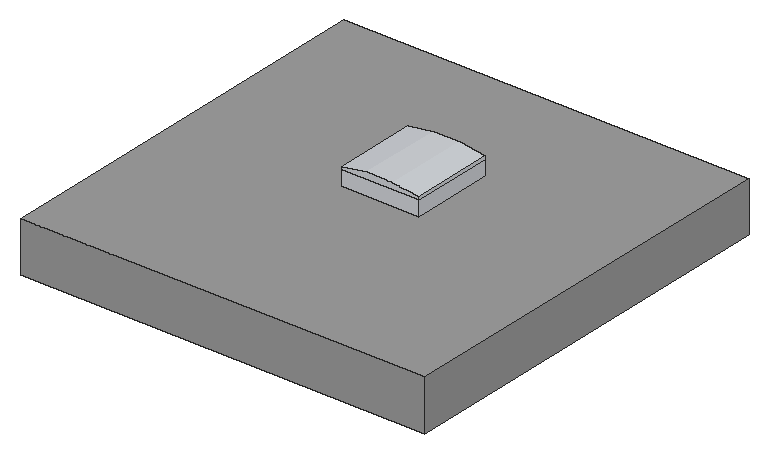
Revit family "Hager TPN DB (with door) v2", category Electrical Equipment, host Face, Revit 2013
Parameters (values of type "TPN DB 125A 04 Way GD")
  Supply Phase = "1,3"
  Packaging Weight = 1.00 kg
  Packaging Recyclable = yes
  Overall Width = 465 mm
  Warranty ID = "24 Months"
  Voltage = "415"
  Uimp Rating = 4000 V
  Ui Rating = 690 V
  URL = "www.hager.co.uk"
  built-in parameter 1140080 [instance] = "10kA Conditional"
  Revision = 3
  Product Weight = 8.80 kg
  Product Range = "Invicta 3 TPN DB Type B"
  Product Literature = "www.hager.co.uk/?artnr=JK104BG"
  Product Description = "JK1 TPN B Board 4x 63A TP Ways DB Glazed Door"
  Pollution Degree = 2
  Panel Name [instance] = "Invicta 3 TPN DB Type B 125A"
  Outging Ways (TP) = Max #3 Pole Breakers  # 4
  Number of Poles = 3
  Neutral Rating = 100.00%
  built-in parameter 1140081 [instance] = "Surface Wall Mounted"
  Model = "JK104BG"
  Max #3 Pole Breakers = 4
  built-in parameter 1140079 [instance] = 12
  Manufacturer Website = "www.hager.co.uk"
  Manufacturer = "Hager UK Ltd"
  Mains Type = "3 phase"
  built-in parameter 1140082 [instance] = 125 (stored number, unit not read)
  built-in parameter 1140140 = 63 (stored number, unit not read)
  Location of Manufacturer = "Telford, TF1 7FT"
  Location = "Indoors"
  Keynote = ""
  Enclosure Rating = "IP3X"
  Overall Length [instance] = 503 mm
  Hager Catalogue Ref = Model  # "JK104BG"
  Frequency = 50 Hz
  built-in parameter 1140083 [instance] = "Steel Epoxy Polyester Powdercoated"
  EAN = "5015652250234"
  Door Type = "Single Glazed Door"
  Door = 46 mm
  built-in parameter 1140064 [instance] = (empty or 0)
  Description = Product Description  # "JK1 TPN B Board 4x 63A TP Ways DB Glazed Door"
  Overall Height = 133 mm
  Default Elevation = 1200 mm
  Colour = "BS4800:2011 00A01 Oyster Grey"
  CE Approval = yes
  Busbar Rating = 125 A
  Reference Standard = "BS EN 61439-3"
Reference planes
  plane 1 "Center (Front/Back)": y = 470.263
  plane 2: z = 0
  plane 3 "Center (Left/Right)": x = 0
  plane 4: y = -32.737
  plane 5: x = -232.5
  plane 6: x = 232.5
  plane 7: z = 133
  plane 8: z = 87
  plane 9: z = -829
Forms (mm)
  Extrusion 1, solid, material "Default"
    sketch origin (0, 0, 0) x (1, 0, 0) y (0, 1, 0)
      loop
        line (-1219.2, 1219.2) -> (-1219.2, -1219.2) -> (1219.2, -1219.2) -> (1219.2, 1219.2) -> (-1219.2, 1219.2)
    from 0 to -304.8
  Extrusion 2, solid, detail levels fine
    sketch origin (0, 470.263, 0) x (1, 0, 0) y (0, 0, 1)
      loop
        line (232.5, 87) -> (-232.5, 87) -> (-232.5, 0) -> (232.5, 0) -> (232.5, 87)
    from 503 to 0
  Extrusion 3, solid, detail levels fine
    sketch origin (0, 470.263, 0) x (1, 0, 0) y (0, 0, 1)
      loop
        line (-232.5, 103.626) -> (-232.5, 87) -> (232.5, 87) -> (232.5, 104.487)
        arc (232.5, 104.487) -> (-0.053, 132.604) -> (-232.5, 103.626) r 961.054
    from 0 to 503
Dimensions and locks
  equal spacing: plane 5, plane 3 "Center (Left/Right)", plane 6
  "Overall Width": plane 5 to plane 6
  "Overall Length": plane 4 to plane 1 "Center (Front/Back)"
  "Overall Height": Extrusion 1 to plane 7
  "Door": plane 8 to plane 7
  locked: plane 7 to plane 9 at 962
  aligned and locked: plane 2 to Extrusion 1
  aligned and locked: level to Extrusion 1
  aligned and locked: Extrusion 2 sketch curve to plane 8
  aligned and locked: Extrusion 2 sketch curve to plane 5
  aligned and locked: Extrusion 2 sketch curve to level
  aligned and locked: plane 6 to Extrusion 2 sketch curve
  aligned and locked: Extrusion 2 to plane 4
  aligned and locked: Extrusion 2 to plane 1 "Center (Front/Back)"
  aligned and locked: plane 6 to Extrusion 3
  aligned and locked: Extrusion 3 to plane 5
  aligned and locked: Extrusion 3 to plane 8
  aligned and locked: Extrusion 3 to Extrusion 2
  aligned and locked: Extrusion 2 to Extrusion 3
  aligned and locked: plane 2 to nested 1
  aligned and locked: plane 5 to nested 1
  aligned and locked: plane 6 to nested 1
  aligned and locked: nested 1 to plane 7
Automatic sketch dimensions
  Extrusion 1 sketch curve to Extrusion 1 sketch curve = 2438.4 mm  (x2)
  Extrusion 3 sketch curve to plane 6 = 0 mm
  Extrusion 3 sketch curve to plane 8 = 0 mm
  Extrusion 3 sketch curve to plane 5 = 0 mm
  plane 3 "Center (Left/Right)" to Extrusion 3 sketch curve = 1.727 mm
  plane 9 to Extrusion 3 sketch curve = 0.552 mm
  plane 8 to Extrusion 3 sketch curve = 17.487 mm
Nested families
  nested 1: "Distribution Board Annotation" at (-232.5, 470.263, 133) x (1, 0, 0) z (0, -1, 0), type "Distribution Board Annotation", detail levels coarse+medium
    with Width 133 mm, Length 465 mm
Connectors
  electrical at (0, -32.737, 43.5)
    settings: on Extrusion 2, index 1, voltage 0 V, apparent load 0 VA, apparent load phase1 0 VA, apparent load phase2 0 VA, apparent load phase3 0 VA, power factor 1, load classification "Other", number of poles 1, system type 31, power factor state 1, is connector primary yes, connector utility no, sub classification motor no, connector description ""
  cabletrayconduit at (0, -32.737, 43.5)
    settings: on Extrusion 2, index 2, connector width 300 mm, connector height 300 mm, connector radius 300 mm, connector angle 0.00°, system type 32, placement type 0, profile type 0, connector reference index -1, is primary connector yes, connector utility param no, connector description ""
  cabletrayconduit at (0, 470.263, 43.5)
    settings: on Extrusion 2, index 3, connector width 300 mm, connector height 300 mm, connector radius 300 mm, connector angle 0.00°, system type 32, placement type 0, profile type 0, connector reference index -1, is primary connector no, connector utility param no, connector description ""
Definition of nested family "Distribution Board Annotation"
  Parameters (values of type "Distribution Board Annotation")
    Width [instance] = 609.6 mm
    Length [instance] = 1219.2 mm
    Assembly Code = ""
  Reference planes
    plane 1 "Centre (Front/Back)": y = 0
    plane 2: z = 0
    plane 3 "Centre (Left/Right)": x = 0
    plane 4: y = -609.6
    plane 5: x = 1219.2
  Lines and regions (mm)
    Filled region 1, type "Solid Fill - Black", in view "Ref. Level"
      outline origin (0, 0, 0) x (1, 0, 0) y (0, 1, 0)
        loop
          line (0, 0) -> (1219.2, -609.6) -> (1219.2, 0) -> (0, 0)
    detail lines, in view "Ref. Level"
      curve 1: line (0, -609.6, 0) -> (1219.2, -609.6, 0)
      curve 2: line (1219.2, -609.6, 0) -> (1219.2, 0, 0)
      curve 3: line (0, -609.6, 0) -> (0, 0, 0)
      curve 4: line (0, 0, 0) -> (1219.2, 0, 0)
      curve 5: line (0, 0, 0) -> (1219.2, -609.6, 0)
  Dimensions and locks
    "Width": plane 4 to plane 1 "Centre (Front/Back)"
    "Length": plane 3 "Centre (Left/Right)" to plane 5
    aligned and locked: plane 3 "Centre (Left/Right)" to curve 1
    aligned and locked: curve 1 to plane 4
    aligned and locked: plane 5 to curve 2
    aligned and locked: plane 1 "Centre (Front/Back)" to curve 4
    aligned and locked: Filled region 1 sketch curve to curve 4
    aligned and locked: Filled region 1 sketch curve to curve 5
    aligned and locked: Filled region 1 sketch curve to curve 2
Types in the file's own list only (43): name | Product Weight | Product Literature | Product Description | Outging Ways (TP) | Model | Max #3 Pole Breakers | MCB Rating | Hager Catalogue Ref | EAN | Door Type | Description | Overall Height | Default Elevation | Busbar Rating
  TPN DB 125A 06 Way GD | 9.60 kg | "www.hager.co.uk/?artnr=JK106BG" | "JK1 TPN B Board 6x 63A TP Ways DB Glazed Door" | 6 | "JK106BG" | 6 | 63 A | "JK106BG" | "5015652250265" | "Single Glazed Door" | "JK1 TPN B Board 6x 63A TP Ways DB Glazed Door" | 133 mm | 1200 mm | 125 A
  TPN DB 125A 08 Way GD | 10.50 kg | "www.hager.co.uk/?artnr=JK108BG" | "JK1 TPN B Board 8x 63A TP Ways DB Glazed Door" | 8 | "JK108BG" | 8 | 63 A | "JK108BG" | "5015652250289" | "Single Glazed Door" | "JK1 TPN B Board 8x 63A TP Ways DB Glazed Door" | 133 mm | 1200 mm | 125 A
  TPN DB 125A 12 Way GD | 14.00 kg | "www.hager.co.uk/?artnr=JK112BG" | "JK1 TPN B Board 12x 63A TP Ways DB Glazed Door" | 12 | "JK112BG" | 12 | 63 A | "JK112BG" | "5015652250357" | "Single Glazed Door" | "JK1 TPN B Board 12x 63A TP Ways DB Glazed Door" | 133 mm | 1200 mm | 125 A
  TPN DB 125A 18 Way GD | 18.50 kg | "www.hager.co.uk/?artnr=JK118BG" | "JK1 TPN B Board 18x 63A TP Ways DB Glazed Door" | 18 | "JK118BG" | 18 | 63 A | "JK118BG" | "5015652276807" | "Single Glazed Door" | "JK1 TPN B Board 18x 63A TP Ways DB Glazed Door" | 133 mm | 1200 mm | 125 A
  TPN DB 125A 24 Way GD | 20.00 kg | "www.hager.co.uk/?artnr=JK124BG" | "JK1 TPN B Board 24x 63A TP Ways DB Glazed Door" | 24 | "JK124BG" | 24 | 63 A | "JK124BG" | "5015652276821" | "Single Glazed Door" | "JK1 TPN B Board 24x 63A TP Ways DB Glazed Door" | 133 mm | 800 mm | 125 A
  TPN DB 125A 16 Way GD | 17.50 kg | "www.hager.co.uk/?artnr=JK116BG" | "JK1 TPN B Board 16x 63A TP Ways DB Glazed Door" | 16 | "JK116BG" | 16 | 63 A | "JK116BG" | "5015652250371" | "Single Glazed Door" | "JK1 TPN B Board 16x 63A TP Ways DB Glazed Door" | 133 mm | 1200 mm | 125 A
  TPB DB 125A 04 Way PD | 8.80 kg | "www.hager.co.uk/?artnr=JK104B" | "JK1 TPN B Board 4x 63A TP Ways DB Plain Door" | 4 | "JK104B" | 4 | 63 A | "JK104B" | "5015652250227" | "Single Plain Door" | "JK1 TPN B Board 4x 63A TP Ways DB Plain Door" | 133 mm | 1200 mm | 125 A
  TPN DB 125A 06 Way PD | 9.60 kg | "www.hager.co.uk/?artnr=JK106B" | "JK1 TPN B Board 6x 63A TP Ways DB Plain Door" | 6 | "JK106B" | 6 | 63 A | "JK106B" | "5015652250258" | "Single Plain Door" | "JK1 TPN B Board 6x 63A TP Ways DB Plain Door" | 133 mm | 1200 mm | 125 A
  TPN DB 125A 08 Way PD | 10.50 kg | "www.hager.co.uk/?artnr=JK108B" | "JK1 TPN B Board 8x 63A TP Ways DB Plain Door" | 8 | "JK108B" | 8 | 63 A | "JK108B" | "5015652250272" | "Single Plain Door" | "JK1 TPN B Board 8x 63A TP Ways DB Plain Door" | 133 mm | 1200 mm | 125 A
  TPN DB 125A 12 Way PD | 14.00 kg | "www.hager.co.uk/?artnr=JK112B" | "JK1 TPN B Board 12x 63A TP Ways DB Plain Door" | 12 | "JK112B" | 12 | 63 A | "JK112B" | "5015652250340" | "Single Plain Door" | "JK1 TPN B Board 12x 63A TP Ways DB Plain Door" | 133 mm | 1200 mm | 125 A
  TPN DB 125A 18 Way PD | 18.50 kg | "www.hager.co.uk/?artnr=JK118B" | "JK1 TPN B Board 18x 63A TP Ways DB Plain Door" | 18 | "JK118B" | 18 | 63 A | "JK118B" | "5015652276814" | "Single Plain Door" | "JK1 TPN B Board 18x 63A TP Ways DB Plain Door" | 133 mm | 1200 mm | 125 A
  TPN DB 125A 24 Way PD | 20.00 kg | "www.hager.co.uk/?artnr=JK124B" | "JK1 TPN B Board 24x 63A TP Ways DB Plain Door" | 24 | "JK124B" | 24 | 63 A | "JK124B" | "5015652276838" | "Single Plain Door" | "JK1 TPN B Board 24x 63A TP Ways DB Plain Door" | 133 mm | 800 mm | 125 A
  TPN DB 125A 16 Way PD | 17.50 kg | "www.hager.co.uk/?artnr=JK116B" | "JK1 TPN B Board 16x 63A TP Ways DB Plain Door" | 16 | "JK116B" | 16 | 63 A | "JK116B" | "5015652250364" | "Single Plain Door" | "JK1 TPN B Board 16x 63A TP Ways DB Plain Door" | 133 mm | 1200 mm | 125 A
  TPN DB 250A 08 Way GD | 12.60 kg | "www.hager.co.uk/?artnr=JK208BG" | "JK2 TPN B Board 8x 63A TP Ways DB Glazed Door" | 8 | "JK208BG" | 8 | 63 A | "JK208BG" | "5015652250395" | "Single Glazed Door" | "JK2 TPN B Board 8x 63A TP Ways DB Glazed Door" | 166 mm | 1200 mm | 250 A
  TPN DB 250A 12 Way GD | 16.00 kg | "www.hager.co.uk/?artnr=JK212BG" | "JK2 TPN B Board 12x 63A TP Ways DB Glazed Door" | 12 | "JK212BG" | 12 | 63 A | "JK212BG" | "5015652250449" | "Single Glazed Door" | "JK2 TPN B Board 12x 63A TP Ways DB Glazed Door" | 166 mm | 1200 mm | 250 A
  TPN DB 250A 18 Way GD | 23.30 kg | "www.hager.co.uk/?artnr=JK218BG" | "JK2 TPN B Board 18x 63A TP Ways DB Glazed Door" | 18 | "JK218BG" | 18 | 63 A | "JK218BG" | "5015652250487" | "Single Glazed Door" | "JK2 TPN B Board 18x 63A TP Ways DB Glazed Door" | 166 mm | 1200 mm | 250 A
  TPN DB 250A 24 Way GD | 26.20 kg | "www.hager.co.uk/?artnr=JK224BG" | "JK2 TPN B Board 24x 63A TP Ways DB Glazed Door" | 24 | "JK224BG" | 24 | 63 A | "JK224BG" | "5015652250500" | "Single Glazed Door" | "JK2 TPN B Board 24x 63A TP Ways DB Glazed Door" | 166 mm | 800 mm | 250 A
  TPN DB 250A 08 Way PD | 12.60 kg | "www.hager.co.uk/?artnr=JK208B" | "JK2 TPN B Board 8x 63A TP Ways DB Plain Door" | 8 | "JK208B" | 8 | 63 A | "JK208B" | "5015652250388" | "Single Plain Door" | "JK2 TPN B Board 8x 63A TP Ways DB Plain Door" | 166 mm | 1200 mm | 250 A
  TPN DB 250A 12 Way PD | 16.00 kg | "www.hager.co.uk/?artnr=JK212B" | "JK2 TPN B Board 12x 63A TP Ways DB Plain Door" | 12 | "JK212B" | 12 | 63 A | "JK212B" | "5015652250432" | "Single Plain Door" | "JK2 TPN B Board 12x 63A TP Ways DB Plain Door" | 166 mm | 1200 mm | 250 A
  TPN DB 250A 18 Way PD | 23.30 kg | "www.hager.co.uk/?artnr=JK218B" | "JK2 TPN B Board 18x 63A TP Ways DB Plain Door" | 18 | "JK218B" | 18 | 63 A | "JK218B" | "5015652250470" | "Single Plain Door" | "JK2 TPN B Board 18x 63A TP Ways DB Plain Door" | 166 mm | 1200 mm | 250 A
  TPN DB 250A 24 Way PD | 26.20 kg | "www.hager.co.uk/?artnr=JK224B" | "JK2 TPN B Board 24x 63A TP Ways DB Plain Door" | 24 | "JK224B" | 24 | 63 A | "JK224B" | "5015652250494" | "Single Plain Door" | "JK2 TPN B Board 24x 63A TP Ways DB Plain Door" | 166 mm | 800 mm | 250 A
  TPN DB 250A 16 Way GD | 20.40 kg | "www.hager.co.uk/?artnr=JK216BG" | "JK2 TPN B Board 16x 63A TP Ways DB Glazed Door" | 16 | "JK216BG" | 16 | 63 A | "JK216BG" | "5015652250463" | "Single Glazed Door" | "JK2 TPN B Board 16x 63A TP Ways DB Glazed Door" | 166 mm | 1200 mm | 250 A
  TPN DB 250A 16 Way PD | 20.40 kg | "www.hager.co.uk/?artnr=JK216B" | "JK2 TPN B Board 16x 63A TP Ways DB Plain Door" | 16 | "JK216B" | 16 | 63 A | "JK216B" | "5015652250456" | "Single Plain Door" | "JK2 TPN B Board 16x 63A TP Ways DB Plain Door" | 166 mm | 1200 mm | 250 A
  TPN DB 125A 10 Way GD Metered Pulsed (Power&Lighting 4+6W) | 25.00 kg | "www.hager.co.uk/?artnr=JK146B" | "JK1 TPN B Board 10x 63A TP (4+6) Ways DB Glazed Door Metered (Pulsed)" | 10 | "JK146B" | 10 | 63 A | "JK146B" | "5015654758912" | "Single Glazed Door" | "JK1 TPN B Board 10x 63A TP (4+6) Ways DB Glazed Door Metered (Pulsed)" | 166 mm | 1200 mm | 125 A
  TPN DB 125A 10 Way GD Metered Modbus (Power&Lighting 4+6W) | 25.00 kg | "www.hager.co.uk/?artnr=JK146BM" | "JK1 TPN B Board 10x 63A TP (4+6) Ways DB Glazed Door Metered (Modbus)" | 10 | "JK146BM" | 10 | 63 A | "JK146BM" | "5015654758929" | "Single Glazed Door" | "JK1 TPN B Board 10x 63A TP (4+6) Ways DB Glazed Door Metered (Modbus)" | 166 mm | 1200 mm | 125 A
  TPN DB 125A 14 Way GD Metered Pulsed (Power&Lighting 6+8W) | 25.00 kg | "www.hager.co.uk/?artnr=JK168B" | "JK1 TPN B Board 10x 63A TP (6+8) Ways DB Glazed Door Metered (Pulsed)" | 14 | "JK168B" | 14 | 63 A | "JK168B" | "5015654758936" | "Single Glazed Door" | "JK1 TPN B Board 10x 63A TP (6+8) Ways DB Glazed Door Metered (Pulsed)" | 166 mm | 1200 mm | 125 A
  TPN DB 125A 14 Way GD Metered Modbus (Power&Lighting 6+8W) | 25.00 kg | "www.hager.co.uk/?artnr=JK168BM" | "JK1 TPN B Board 10x 63A TP (6+8) Ways DB Glazed Door Metered (Modbus)" | 14 | "JK168BM" | 14 | 63 A | "JK168BM" | "5015654758943" | "Single Glazed Door" | "JK1 TPN B Board 10x 63A TP (6+8) Ways DB Glazed Door Metered (Modbus)" | 166 mm | 1200 mm | 125 A
  TPN DB 125A 20 Way GD Metered Pulsed (Power&Lighting 4+16W) | 25.00 kg | "www.hager.co.uk/?artnr=JKD1416B" | "JK1 TPN B Board 10x 63A TP (4+16) Ways DB Glazed Door Metered (Pulsed)" | 20 | "JK1416B" | 20 | 63 A | "JK1416B" | "5015652252498" | "Single Glazed Door" | "JK1 TPN B Board 10x 63A TP (4+16) Ways DB Glazed Door Metered (Pulsed)" | 166 mm | 1200 mm | 125 A
  TPN DB 125A 20 Way GD Metered Modbus (Power&Lighting 4+16W) | 25.00 kg | "www.hager.co.uk/?artnr=JKD1416BM" | "JK1 TPN B Board 10x 63A TP (4+16) Ways DB Glazed Door Metered (Modbus)" | 20 | "JK1416BM" | 20 | 63 A | "JK1416BM" | "5015654758899" | "Single Glazed Door" | "JK1 TPN B Board 10x 63A TP (4+16) Ways DB Glazed Door Metered (Modbus)" | 166 mm | 1200 mm | 125 A
  TPN DB 125A 20 Way GD Metered Pulsed (Power&Lighting 8+12W) | 25.00 kg | "www.hager.co.uk/?artnr=JKD1812B" | "JK1 TPN B Board 10x 63A TP (8+12) Ways DB Glazed Door Metered (Pulsed)" | 20 | "JK1812B" | 20 | 63 A | "JK1812B" | "5015652252504" | "Single Glazed Door" | "JK1 TPN B Board 10x 63A TP (8+12) Ways DB Glazed Door Metered (Pulsed)" | 166 mm | 1200 mm | 125 A
  TPN DB 125A 20 Way GD Metered Modbus (Power&Lighting 8+12W) | 25.00 kg | "www.hager.co.uk/?artnr=JKD1812BM" | "JK1 TPN B Board 10x 63A TP (8+12) Ways DB Glazed Door Metered (Modbus)" | 20 | "JK1812BM" | 20 | 63 A | "JK1812BM" | "5015654758905" | "Single Glazed Door" | "JK1 TPN B Board 10x 63A TP (8+12) Ways DB Glazed Door Metered (Modbus)" | 166 mm | 1200 mm | 125 A
  TPN DB 125A 10 Way GD Metered Pluggable (Power&Lighting 4+6W) | 21.00 kg | "www.hager.co.uk/?artnr=JK146PM" | "JK1 TPN B Board 10x 63A TP (4+6) Ways DB Glazed Door Metered (Pluggable)" | 10 | "JK146PM" | 10 | 63 A | "JK146PM" | "3250610459546" | "Single Glazed Door" | "JK1 TPN B Board 10x 63A TP (4+6) Ways DB Glazed Door Metered (Pluggable)" | 166 mm | 1200 mm | 125 A
  TPN DB 125A 10 Way GD Metered Pluggable (Power&Lighting 6+4W) | 21.00 kg | "www.hager.co.uk/?artnr=JK164PM" | "JK1 TPN B Board 10x 63A TP (6+4) Ways DB Glazed Door Metered (Pluggable)" | 10 | "JK164PM" | 10 | 63 A | "JK164PM" | "5015652600244" | "Single Glazed Door" | "JK1 TPN B Board 10x 63A TP (6+4) Ways DB Glazed Door Metered (Pluggable)" | 166 mm | 1200 mm | 125 A
  TPN DB 125A 12 Way GD Metered Pluggable (Power&Lighting 6+6W) | 21.50 kg | "www.hager.co.uk/?artnr=JK166PM" | "JK1 TPN B Board 12x 63A TP (6+6) Ways DB Glazed Door Metered (Pluggable)" | 12 | "JK166PM" | 12 | 63 A | "JK166PM" | "5015652600251" | "Single Glazed Door" | "JK1 TPN B Board 12x 63A TP (6+6) Ways DB Glazed Door Metered (Pluggable)" | 166 mm | 1200 mm | 125 A
  TPN DB 125A 14 Way GD Metered Pluggable (Power&Lighting 6+8W) | 23.00 kg | "www.hager.co.uk/?artnr=JK168PM" | "JK1 TPN B Board 10x 63A TP (6+8) Ways DB Glazed Door Metered (Pluggable)" | 14 | "JK168PM" | 14 | 63 A | "JK168PM" | "3250610459553" | "Single Glazed Door" | "JK1 TPN B Board 10x 63A TP (6+8) Ways DB Glazed Door Metered (Pluggable)" | 166 mm | 1200 mm | 125 A
  TPN DB 125A 14 Way GD Metered Pluggable (Power&Lighting 8+6W) | 23.00 kg | "www.hager.co.uk/?artnr=JK186PM" | "JK1 TPN B Board 10x 63A TP (8+6) Ways DB Glazed Door Metered (Pluggable)" | 14 | "JK186PM" | 14 | 63 A | "JK186PM" | "5015652600268" | "Single Glazed Door" | "JK1 TPN B Board 10x 63A TP (8+6) Ways DB Glazed Door Metered (Pluggable)" | 166 mm | 1200 mm | 125 A
  TPN DB 125A 16 Way GD Metered Pluggable (Power&Lighting 8+8W) | 23.50 kg | "www.hager.co.uk/?artnr=JK188PM" | "JK1 TPN B Board 12x 63A TP (8+8) Ways DB Glazed Door Metered (Pluggable)" | 16 | "JK188PM" | 16 | 63 A | "JK188PM" | "5015652600275" | "Single Glazed Door" | "JK1 TPN B Board 12x 63A TP (8+8) Ways DB Glazed Door Metered (Pluggable)" | 166 mm | 1200 mm | 125 A
  TPN DB 125A 20 Way GD Metered Pluggable (Power&Lighting 4+16W) | 25.00 kg | "www.hager.co.uk/?artnr=JK1416PM" | "JK1 TPN B Board 20x 63A TP (4+16) Ways DB Glazed Door Metered (Pluggable)" | 20 | "JK1416PM" | 20 | 63 A | "JK1416PM" | "3250610459539" | "Single Glazed Door" | "JK1 TPN B Board 20x 63A TP (4+16) Ways DB Glazed Door Metered (Pluggable)" | 166 mm | 1200 mm | 125 A
  TPN DB 125A 20 Way GD Metered Pluggable (Power&Lighting 16+4W) | 25.00 kg | "www.hager.co.uk/?artnr=JK1164PM" | "JK1 TPN B Board 20x 63A TP (16+4) Ways DB Glazed Door Metered (Pluggable)" | 20 | "JK1164PM" | 20 | 63 A | "JK1164PM" | "5015652600220" | "Single Glazed Door" | "JK1 TPN B Board 20x 63A TP (16+4) Ways DB Glazed Door Metered (Pluggable)" | 166 mm | 1200 mm | 125 A
  TPN DB 125A 20 Way GD Metered Pluggable (Power&Lighting 8+12W) | 25.00 kg | "www.hager.co.uk/?artnr=JK1812PM" | "JK1 TPN B Board 20x 63A TP (8+12) Ways DB Glazed Door Metered (Pluggable)" | 20 | "JK1812PM" | 20 | 63 A | "JK1812PM" | "3250610459560" | "Single Glazed Door" | "JK1 TPN B Board 20x 63A TP (8+12) Ways DB Glazed Door Metered (Pluggable)" | 166 mm | 1200 mm | 125 A
  TPN DB 125A 20 Way GD Metered Pluggable (Power&Lighting 12+8W) | 25.00 kg | "www.hager.co.uk/?artnr=JK1128PM" | "JK1 TPN B Board 20x 63A TP (12+8) Ways DB Glazed Door Metered (Pluggable)" | 20 | "JK1128PM" | 20 | 63 A | "JK1128PM" | "5015652600213" | "Single Glazed Door" | "JK1 TPN B Board 20x 63A TP (12+8) Ways DB Glazed Door Metered (Pluggable)" | 166 mm | 1200 mm | 125 A
  TPN DB 125A 24 Way GD Metered Pluggable (Power&Lighting 12+12W) | 25.00 kg | "www.hager.co.uk/?artnr=JK11212PM" | "JK1 TPN B Board 24x 63A TP (12+12) Ways DB Glazed Door Metered (Pluggable)" | 24 | "JK11212PM" | 24 | 63 A | "JK11212PM" | "5015652600206" | "Single Glazed Door" | "JK1 TPN B Board 24x 63A TP (12+12) Ways DB Glazed Door Metered (Pluggable)" | 166 mm | 1200 mm | 125 A
  TPN DB 125A 20 Way GD Metered Pluggable (Power&Lighting 8+8+4W) | 28.00 kg | "www.hager.co.uk/?artnr=JK2884PM" | "JK2 TPN B Board 20x 63A TP (8+8+4) Ways DB Glazed Door Metered (Pluggable)" | 20 | "JK2884PM" | 20 | 63 A | "JK2884PM" | "5015652600299" | "Double Glazed Door" | "JK2 TPN B Board 20x 63A TP (8+8+4) Ways DB Glazed Door Metered (Pluggable)" | 166 mm | 1200 mm | 125 A
